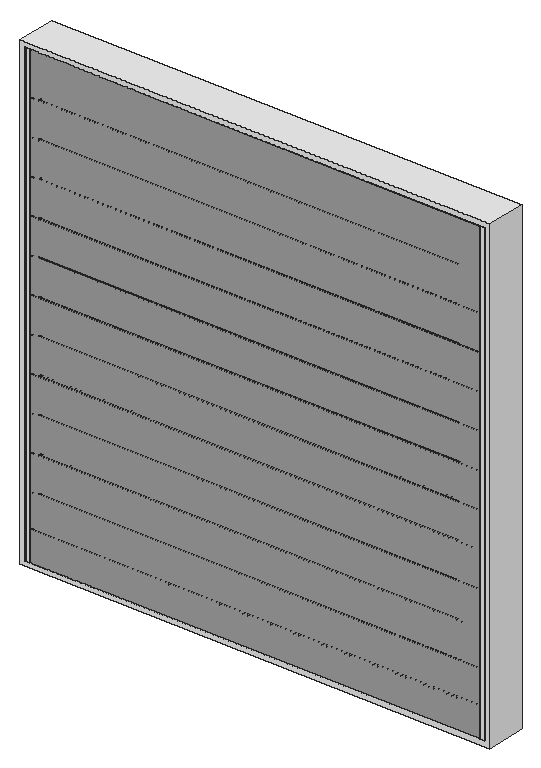
Revit family
Parameters (values of type "Louver_Non-Drnable_EFK-437_All-Lite")
  URL = "http://www.alllite-louvers.com"
  Specifications = "http://www.alllite-louvers.com/catalog/AEFK-437-csi-specification.doc"
  Spacing = 0.333 ft
  SmartBIM Object Version = 3  # constant formula
  SmartBIM Object Created By = "Reed Construction Data"  # constant formula
  Shim Thickness = 0.042 ft
  Screen Width = Width - (2 * Shim Thickness) - 0.083333 ft  # 3.832667 ft
  Screen Height = Height - (2 * Shim Thickness)  # 3.916 ft
  Screen = Aluminum
  Rough Width = 0.0 ft
  Rough Height = 0.0 ft
  Product URL = "http://www.alllite-louvers.com/catalog.php?model=EFK-437"
  Pressure Loss (in.wg.) = "0.07"  # constant formula
  OmniClass Title = "Exterior Louvers and Grilles"  # constant formula
  OmniClass Code = "23-60 11 17"  # constant formula
  Model Number = "EFK-437"  # constant formula
  Minimum Size = "4.5\" x 6\""
  Maximum Size - Single Section = "60\" x 120\" or 120\" x 60\""
  Maximum Size - Multiple Section = "Unlimited"
  Manufacturer = "All-Lite"  # constant formula
  Louver Width = Width - (2 * Shim Thickness) - 0.083333 ft  # 3.832667 ft
  Louver = Mill finish, 6063-T5 Extruded Aluminum
  Installation = "http://www.alllite-louvers.com/catalog/Installation.pdf"
  Height = 4.0 ft
  Free Area for 48”x48” Louver = "56.9%"
  Free Area Velocity (fpm) = "721"  # constant formula
  Free Area (ft²) for 48"x48" Louver = 9.1 ft
  Frame = Mill finish, 6063-T5 Extruded Aluminum
  Default Sill Height = 3.0 ft
  Wall Closure = (empty or 0)
  Width = 4.0 ft
  Cut Sheet = "http://www.alllite-louvers.com/catalog/AEFK437.pdf"
  Assembly Code = "B2010300"
  Air Volume Delivered (cfm) = "6,547"  # constant formula
  95 CSI = "10200 "  # constant formula
  04 CSI = "08 91 00"  # constant formula
  # of Louvers = (Height - 0.25 ft) / (Spacing)  # 11
Reference planes (ft)
  plane 1 "Center (Front/Back)": y = 0
  plane 2: z = 0.291667
  plane 3 "Center (Left/Right)": x = 0
  plane 4 "Left": x = -2
  plane 5 "Right": x = 2
  plane 6 "Sill": z = 3.291667
  plane 7 "Top": z = 7.291667
  plane 8: x = -1.958
  plane 9: x = 1.958
  plane 10: z = 7.249667
  plane 11: z = 3.333667
  plane 12: z = 5.291667
  plane 13: z = 3.417
  plane 14: z = 3.584963
  plane 15: z = 6.937167
Forms (ft)
  Sweep 1, solid, material "Mill finish, 6063-T5 Extruded Aluminum" <- "Frame"
    path origin (-5, 0.333333, 0) x (-1, 0, 0) y (0, 0, 1)
      loop
        line (-6.916333, 7.249667) -> (-3.083667, 7.249667)
    profile "Head Horizontal Mullion : Head Horizontal Mullion" origin (0, 0.333333, 7.249667) x (0, 0, 1) y (0, 1, 0)
      loop
        arc (-0.062261, -0.24806) -> (-0.057843, -0.248191) -> (-0.057712, -0.243774) r 0.003125
        arc (-0.057712, -0.243774) -> (-0.067872, -0.239591) -> (-0.077723, -0.244457) r 0.013333
        line (-0.077723, -0.244457) -> (-0.084306, -0.240917) -> (-0.091171, -0.162459)
        arc (-0.091171, -0.162459) -> (-0.081131, -0.157424) -> (-0.077083, -0.146948) r 0.015583
        line (-0.077083, -0.146948) -> (-0.077083, -0.01125) -> (-0.014, -0.01125) -> (-0.014, -0.058083) -> (0, -0.058083) -> (0, -0.051833) -> (-0.00775, -0.051833) -> (-0.00775, -0.01125) -> (0, -0.01125) -> (0, -0.005) -> (-0.083333, -0.005) -> (-0.083333, -0.146948)
        arc (-0.083333, -0.146948) -> (-0.089082, -0.155565) -> (-0.099246, -0.153567) r 0.009333
        line (-0.099246, -0.153567) -> (-0.248175, -0.006798)
        arc (-0.248175, -0.006798) -> (-0.250191, -0.005467) -> (-0.252562, -0.005) r 0.00625
        line (-0.252562, -0.005) -> (-0.3125, -0.005) -> (-0.3125, -0.020583) -> (-0.30625, -0.020583) -> (-0.30625, -0.01125) -> (-0.251297, -0.01125) -> (-0.203148, -0.059107)
        arc (-0.203148, -0.059107) -> (-0.202259, -0.061776) -> (-0.203876, -0.064078) r 0.003125
        arc (-0.203876, -0.064078) -> (-0.205688, -0.065246) -> (-0.207288, -0.06669) r 0.013333
        arc (-0.207288, -0.06669) -> (-0.207157, -0.071108) -> (-0.202739, -0.070976) r 0.003125
        arc (-0.202739, -0.070976) -> (-0.1905, -0.075833) -> (-0.202739, -0.08069) r 0.007083
        arc (-0.202739, -0.08069) -> (-0.207157, -0.080559) -> (-0.207288, -0.084976) r 0.003125
        arc (-0.207288, -0.084976) -> (-0.195788, -0.089045) -> (-0.18579, -0.082055) r 0.013333
        arc (-0.18579, -0.082055) -> (-0.183498, -0.080424) -> (-0.180823, -0.081296) r 0.003125
        line (-0.180823, -0.081296) -> (-0.09728, -0.164333) -> (-0.083333, -0.32375) -> (0, -0.32375) -> (0, -0.3175) -> (-0.00775, -0.3175) -> (-0.00775, -0.285) -> (0, -0.285) -> (0, -0.27875) -> (-0.014, -0.27875) -> (-0.014, -0.3175) -> (-0.077606, -0.3175) -> (-0.082089, -0.26626) -> (-0.076097, -0.263037)
        arc (-0.076097, -0.263037) -> (-0.066709, -0.266231) -> (-0.057712, -0.26206) r 0.013333
        arc (-0.057712, -0.26206) -> (-0.057843, -0.257642) -> (-0.062261, -0.257774) r 0.003125
        arc (-0.062261, -0.257774) -> (-0.0745, -0.252917) -> (-0.062261, -0.24806) r 0.007083
  Sweep 2, solid, material "Mill finish, 6063-T5 Extruded Aluminum" <- "Frame"
    path origin (-5, 0.333333, 0) x (-1, 0, 0) y (0, 0, 1)
      loop
        line (-6.916333, 3.333667) -> (-3.083667, 3.333667)
    profile "Sill-Horizontal Mullion : Sill-Horizontal Mullion" origin (0, 0.333333, 3.333667) x (0, 0, 1) y (0, 1, 0)
      loop
        arc (0.062261, -0.08069) -> (0.057843, -0.080559) -> (0.057712, -0.084976) r 0.003125
        arc (0.057712, -0.084976) -> (0.067872, -0.089159) -> (0.077723, -0.084293) r 0.013333
        line (0.077723, -0.084293) -> (0.084306, -0.087833) -> (0.091171, -0.166291)
        arc (0.091171, -0.166291) -> (0.081131, -0.171326) -> (0.077083, -0.181802) r 0.015583
        line (0.077083, -0.181802) -> (0.077083, -0.3175) -> (0.014, -0.3175) -> (0.014, -0.270667) -> (0, -0.270667) -> (0, -0.276917) -> (0.00775, -0.276917) -> (0.00775, -0.3175) -> (0, -0.3175) -> (0, -0.32375) -> (0.083333, -0.32375) -> (0.083333, -0.181802)
        arc (0.083333, -0.181802) -> (0.089082, -0.173185) -> (0.099246, -0.175183) r 0.009333
        line (0.099246, -0.175183) -> (0.248175, -0.321952)
        arc (0.248175, -0.321952) -> (0.250191, -0.323283) -> (0.252562, -0.32375) r 0.00625
        line (0.252562, -0.32375) -> (0.3125, -0.32375) -> (0.3125, -0.308167) -> (0.30625, -0.308167) -> (0.30625, -0.3175) -> (0.251297, -0.3175) -> (0.203148, -0.269643)
        arc (0.203148, -0.269643) -> (0.202259, -0.266974) -> (0.203876, -0.264672) r 0.003125
        arc (0.203876, -0.264672) -> (0.205688, -0.263504) -> (0.207288, -0.26206) r 0.013333
        arc (0.207288, -0.26206) -> (0.207157, -0.257642) -> (0.202739, -0.257774) r 0.003125
        arc (0.202739, -0.257774) -> (0.1905, -0.252917) -> (0.202739, -0.24806) r 0.007083
        arc (0.202739, -0.24806) -> (0.207157, -0.248191) -> (0.207288, -0.243774) r 0.003125
        arc (0.207288, -0.243774) -> (0.195788, -0.239705) -> (0.18579, -0.246695) r 0.013333
        arc (0.18579, -0.246695) -> (0.183498, -0.248326) -> (0.180823, -0.247454) r 0.003125
        line (0.180823, -0.247454) -> (0.09728, -0.164417) -> (0.083333, -0.005) -> (0, -0.005) -> (0, -0.01125) -> (0.00775, -0.01125) -> (0.00775, -0.04375) -> (0, -0.04375) -> (0, -0.05) -> (0.014, -0.05) -> (0.014, -0.01125) -> (0.077606, -0.01125) -> (0.082089, -0.06249) -> (0.076097, -0.065713)
        arc (0.076097, -0.065713) -> (0.066709, -0.062519) -> (0.057712, -0.06669) r 0.013333
        arc (0.057712, -0.06669) -> (0.057843, -0.071108) -> (0.062261, -0.070976) r 0.003125
        arc (0.062261, -0.070976) -> (0.0745, -0.075833) -> (0.062261, -0.08069) r 0.007083
  Sweep 3, solid, material "Mill finish, 6063-T5 Extruded Aluminum" <- "Frame"
    path origin (-5, 0.333333, 0) x (-1, 0, 0) y (0, 0, 1)
      loop
        line (-6.958, 3.333667) -> (-6.958, 7.249667)
    profile "Vertical Mullion : Vertical Mullion" origin (1.958, 0.333333, 5.291667) x (1, 0, 0) y (0, 1, 0)
      loop
        line (0, 0) -> (-0.041667, 0) -> (-0.041667, -0.333333) -> (0, -0.333333) -> (0, -0.323333) -> (-0.005, -0.323333) -> (-0.005, -0.328333) -> (-0.036667, -0.328333) -> (-0.036667, -0.005) -> (-0.005, -0.005) -> (-0.005, -0.015) -> (0, -0.015) -> (0, 0)
  Sweep 4, solid, material "Mill finish, 6063-T5 Extruded Aluminum" <- "Frame"
    path origin (5, 0.333333, 0) x (1, 0, 0) y (0, 0, -1)
      loop
        line (-6.958, -3.333667) -> (-6.958, -7.249667)
    profile "Vertical Mullion : Vertical Mullion" origin (-1.958, 0.333333, 5.291667) x (1, 0, 0) y (0, 1, 0)
      loop
        line (0, 0) -> (0, -0.015) -> (0.005, -0.015) -> (0.005, -0.005) -> (0.036667, -0.005) -> (0.036667, -0.328333) -> (0.005, -0.328333) -> (0.005, -0.323333) -> (0, -0.323333) -> (0, -0.333333) -> (0.041667, -0.333333) -> (0.041667, 0) -> (0, 0)
  Sweep 5, solid, material "Mill finish, 6063-T5 Extruded Aluminum" <- "Frame"
    path origin (-5, 0.333333, 0) x (-1, 0, 0) y (0, 0, 1)
      loop
        line (-3, 7.291667) -> (-7, 7.291667) -> (-7, 3.291667) -> (-3, 3.291667) -> (-3, 7.291667)
    profile origin (-2, 0.333333, 5.291667) x (0, 1, 0) y (-1, 0, 0)
      loop
        line (0, 0) -> (-0.333333, 0) -> (-0.333333, -0.042) -> (0, -0.042) -> (0, 0)
  Extrusion 6, solid, material "Aluminum" <- "Screen"
    sketch origin (-1.916333, 0, 3.333667) x (0, 0, 1) y (-1, 0, 0)
      loop
        line (0, -3.832667) -> (3.916, -3.832667) -> (3.916, 0) -> (0, 0) -> (0, -3.832667)
    from 0 to -0.009583
Lines and regions (ft)
  Opening 1
    outline origin (-5, -0.333333, 0) x (1, 0, 0) y (0, 0, 1)
      loop
        line (3, 7.291667) -> (3, 3.291667) -> (7, 3.291667) -> (7, 7.291667) -> (3, 7.291667)
  Masking region 1, detail levels fine
    outline origin (0, 0, 0) x (1, 0, 0) y (0, 1, 0)
      loop
        line (-1.958, 0.318333) -> (-1.953, 0.318333) -> (-1.953, 0.328333) -> (-1.921333, 0.328333) -> (-1.921333, 0.005) -> (-1.953, 0.005) -> (-1.953, 0.01) -> (-1.958, 0.01) -> (-1.958, 0) -> (-1.916333, 0) -> (-1.916333, 0.333333) -> (-1.958, 0.333333) -> (-1.958, 0.318333)
      loop
        line (1.953, 0.318333) -> (1.958, 0.318333) -> (1.958, 0.333333) -> (1.916333, 0.333333) -> (1.916333, 0) -> (1.958, 0) -> (1.958, 0.01) -> (1.953, 0.01) -> (1.953, 0.005) -> (1.921333, 0.005) -> (1.921333, 0.328333) -> (1.953, 0.328333) -> (1.953, 0.318333)
  Masking region 2, detail levels coarse+medium
    outline origin (0, 0, 0) x (1, 0, 0) y (0, 1, 0)
      loop
        line (2, 0.333333) -> (1.916333, 0.333333) -> (1.916333, 0) -> (2, 0) -> (2, 0.333333)
      loop
        line (-2, 0.333333) -> (-2, 0) -> (-1.916333, 0) -> (-1.916333, 0.333333) -> (-2, 0.333333)
Text (ft)
  text "EXTERIOR" at (-4.890733, 4.242245, 0), in view "Ref. Level"
  text "INTERIOR" at (-4.890733, -3.147199, 0), in view "Ref. Level"
  text "Exterior" at (0, 3.638026, 10.266337), in view "Left"
  text "Exterior" at (0, 1.524487, 10.420622), in view "Right"
Dimensions and locks (ft)
  equal spacing: plane 4 "Left", plane 3 "Center (Left/Right)", plane 5 "Right"
  "Width": plane 4 "Left" to plane 5 "Right"
  "Height": plane 6 "Sill" to plane 7 "Top"
  "Default Sill Height": plane 2 to plane 6 "Sill"
  "Shim Thickness": plane 4 "Left" to plane 8
  "Shim Thickness": plane 9 to plane 5 "Right"
  "Shim Thickness": plane 10 to plane 7 "Top"
  "Shim Thickness": plane 6 "Sill" to plane 11
  equal spacing: plane 11, plane 12, plane 10
  locked: plane 13 to plane 11 at 0.083333
  locked: plane 14 to plane 13 at 0.167963
  equal spacing: group 1, group 3, group 4, group 5, group 6, group 7, group 8, group 9, group 10, group 11, group 2  (x3)
  locked: plane 10 to plane 15 at 0.3125
  aligned and locked: plane 7 "Top" to Opening 1 sketch curve
  aligned and locked: plane 6 "Sill" to Opening 1 sketch curve  (x2)
  aligned and locked: plane 5 "Right" to Opening 1 sketch curve
  aligned and locked: plane 4 "Left" to Opening 1 sketch curve
  aligned and locked: plane 10 to Sweep 1 sketch curve
  aligned and locked: Sweep 2 sketch curve to plane 11
  aligned and locked: plane 9 to Sweep 3 sketch curve
  aligned and locked: Sweep 4 sketch curve to plane 8
  aligned and locked: Sweep 5 sketch curve to plane 4 "Left"
  aligned and locked: Sweep 5 sketch curve to plane 7 "Top"
  aligned and locked: Sweep 5 sketch curve to plane 6 "Sill"
  aligned and locked: Sweep 5 sketch curve to plane 5 "Right"
  aligned and locked: Sweep 5 sketch curve to host wall  (x2)
  aligned and locked: plane 8 to Sweep 5 sketch curve
  aligned and locked: plane 3 "Center (Left/Right)" to nested 1
  aligned and locked: plane 10 to Sweep 4 sketch curve
  aligned and locked: profile plane to host wall
  aligned and locked: plane 3 "Center (Left/Right)" to nested 2
  aligned and locked: plane 14 to nested 1
  aligned and locked: plane 11 to Sweep 4 sketch curve
  aligned and locked: plane 11 to Sweep 3 sketch curve
  aligned and locked: Extrusion 6 to Sweep 5 sketch curve
  aligned and locked: Extrusion 6 sketch curve to Sweep 3
  aligned and locked: nested 2 to plane 15
  aligned and locked: Extrusion 6 sketch curve to Sweep 4  (x2)
  aligned and locked: Sweep 3 to Extrusion 6 sketch curve
  aligned and locked: Sweep 4 to Sweep 2 sketch curve
  aligned and locked: Sweep 2 sketch curve to Sweep 3
  aligned and locked: Sweep 1 sketch curve to Sweep 4
  aligned and locked: Sweep 3 to Sweep 1 sketch curve
  aligned and locked: Extrusion 6 to Sweep 1
  aligned and locked: nested 2 to Sweep 4
  aligned and locked: nested 11 to Sweep 4
  aligned and locked: Masking region 1 sketch curve to Sweep 4  (x9)
  aligned and locked: Sweep 5 to Masking region 1 sketch curve  (x3)
  aligned and locked: Masking region 1 sketch curve to Sweep 5
  aligned and locked: Masking region 1 sketch curve to Sweep 3  (x10)
  aligned and locked: Masking region 2 sketch curve to host wall  (x3)
  aligned and locked: host wall to Masking region 2 sketch curve
  aligned and locked: Extrusion 6 to Masking region 2 sketch curve
  aligned and locked: Masking region 2 sketch curve to Sweep 3
  aligned and locked: Masking region 2 sketch curve to Extrusion 6
  aligned and locked: Masking region 2 sketch curve to Sweep 4
Automatic sketch dimensions
  Sweep 3 sketch curve to plane 10 = 0.0 ft
  Masking region 1 sketch curve to plane 8 = 0.0 ft
  Masking region 1 sketch curve to plane 9 = 0.0 ft  (x2)
Nested families (ft)
  nested 1: "Louver Single" at (0, 0.336479, 3.584963), type "Louver"
  nested 2: "Louver Single" at (0, 0.336479, 6.593572), type "Louver"
  nested 3: "Louver Single" at (0, 0.336479, 3.885824), type "Louver"
  nested 4: "Louver Single" at (0, 0.336479, 4.186685), type "Louver"
  nested 5: "Louver Single" at (0, 0.336479, 4.487546), type "Louver"
  nested 6: "Louver Single" at (0, 0.336479, 4.788407), type "Louver"
  nested 7: "Louver Single" at (0, 0.336479, 5.089267), type "Louver"
  nested 8: "Louver Single" at (0, 0.336479, 5.390128), type "Louver"
  nested 9: "Louver Single" at (0, 0.336479, 5.690989), type "Louver"
  nested 10: "Louver Single" at (0, 0.336479, 5.99185), type "Louver"
  nested 11: "Louver Single" at (0, 0.336479, 6.292711), type "Louver"
Connectors (ft)
  hvac at (0, 0, 5.291667), driven by "Screen Width", driven by "Screen Height"
    settings: on Extrusion 6, index 1
Definition of nested family "Louver Single"
  Parameters (values of type "Louver")
    Louver Length = 3.833333 ft
    Frame = none
    Depth = 0.156576 ft
    Louver Single = yes
    Louver = none
    Assembly Code = ""
  Reference planes (ft)
    plane 1 "Center (Front/Back)": y = -0.085938
    plane 2: z = 0
    plane 3 "Center (Left/Right)": x = 0
    plane 4: x = -1.916667
    plane 5: x = 1.916667
    plane 6: z = 0.177083
    plane 7: y = -0.008146
    plane 8: z = 0.343595
  Forms (ft)
    Extrusion 1, solid, material <- "Louver"
      sketch origin (0, 0.02681, -0.008802) x (0, 1, 0) y (0, 0, 1)
        loop
          arc (-0.041706, 0.014995) -> (-0.040114, 0.00891) -> (-0.034956, 0.012507) r 0.003833
          line (-0.034956, 0.012507) -> (-0.034956, 0.068058)
          arc (-0.034956, 0.068058) -> (-0.035612, 0.070847) -> (-0.037444, 0.073049) r 0.00625
          line (-0.037444, 0.073049) -> (-0.260873, 0.246502)
          arc (-0.260873, 0.246502) -> (-0.265156, 0.251251) -> (-0.267335, 0.257263) r 0.016667
          arc (-0.267335, 0.257263) -> (-0.266985, 0.258745) -> (-0.265977, 0.259886) r 0.003125
          arc (-0.265977, 0.259886) -> (-0.264644, 0.26286) -> (-0.266681, 0.265403) r 0.003125
          line (-0.266681, 0.265403) -> (-0.345251, 0.289622)
          arc (-0.345251, 0.289622) -> (-0.346845, 0.290752) -> (-0.347456, 0.292608) r 0.003125
          line (-0.347456, 0.292608) -> (-0.347456, 0.349022)
          arc (-0.347456, 0.349022) -> (-0.350581, 0.352147) -> (-0.353706, 0.349022) r 0.003125
          line (-0.353706, 0.349022) -> (-0.353706, 0.290567)
          arc (-0.353706, 0.290567) -> (-0.352484, 0.286856) -> (-0.349297, 0.284595) r 0.00625
          line (-0.349297, 0.284595) -> (-0.278379, 0.262735)
          arc (-0.278379, 0.262735) -> (-0.276838, 0.261673) -> (-0.27618, 0.259921) r 0.003125
          arc (-0.27618, 0.259921) -> (-0.275611, 0.255927) -> (-0.274365, 0.25209) r 0.023417
          arc (-0.274365, 0.25209) -> (-0.27468, 0.249084) -> (-0.277393, 0.247751) r 0.003125
          arc (-0.277393, 0.247751) -> (-0.28849, 0.242992) -> (-0.291588, 0.231321) r 0.013792
          arc (-0.291588, 0.231321) -> (-0.289673, 0.228898) -> (-0.286589, 0.229048) r 0.003375
          arc (-0.286589, 0.229048) -> (-0.285204, 0.230574) -> (-0.284964, 0.23262) r 0.003375
          arc (-0.284964, 0.23262) -> (-0.274533, 0.240073) -> (-0.275773, 0.227313) r 0.007042
          arc (-0.275773, 0.227313) -> (-0.277425, 0.226083) -> (-0.278054, 0.22412) r 0.003375
          arc (-0.278054, 0.22412) -> (-0.276641, 0.221374) -> (-0.273586, 0.220927) r 0.003375
          arc (-0.273586, 0.220927) -> (-0.266882, 0.225888) -> (-0.264264, 0.233806) r 0.013792
          arc (-0.264264, 0.233806) -> (-0.262376, 0.236794) -> (-0.258858, 0.23646) r 0.003375
          line (-0.258858, 0.23646) -> (-0.10798, 0.11933)
          arc (-0.10798, 0.11933) -> (-0.10687, 0.116349) -> (-0.108731, 0.11377) r 0.003375
          arc (-0.108731, 0.11377) -> (-0.114974, 0.107608) -> (-0.116237, 0.098927) r 0.013792
          arc (-0.116237, 0.098927) -> (-0.114358, 0.096477) -> (-0.111272, 0.096581) r 0.003375
          arc (-0.111272, 0.096581) -> (-0.109865, 0.098087) -> (-0.109595, 0.100129) r 0.003375
          arc (-0.109595, 0.100129) -> (-0.099057, 0.10743) -> (-0.100482, 0.094689) r 0.007042
          arc (-0.100482, 0.094689) -> (-0.102152, 0.093483) -> (-0.10281, 0.09153) r 0.003375
          arc (-0.10281, 0.09153) -> (-0.101437, 0.088764) -> (-0.098389, 0.088272) r 0.003375
          arc (-0.098389, 0.088272) -> (-0.092392, 0.092183) -> (-0.089164, 0.098573) r 0.013792
          arc (-0.089164, 0.098573) -> (-0.087026, 0.101053) -> (-0.08379, 0.100551) r 0.003375
          line (-0.08379, 0.100551) -> (-0.042657, 0.068619)
          arc (-0.042657, 0.068619) -> (-0.041952, 0.067462) -> (-0.041706, 0.066129) r 0.003734
          line (-0.041706, 0.066129) -> (-0.041706, 0.014995)
      from -1.916667 to 1.916667
  Dimensions and locks (ft)
    equal spacing: plane 4, plane 3 "Center (Left/Right)", plane 5
    "Louver Length": plane 4 to plane 5
    aligned and locked: Extrusion 1 to plane 4
    aligned and locked: plane 5 to Extrusion 1
  Automatic sketch dimensions
    Extrusion 1 sketch curve to Extrusion 1 sketch curve = 0.0 ft  (x30)
    Extrusion 1 sketch curve to plane 7 = 0.0 ft
    Extrusion 1 sketch curve to plane 7 = 0.002489 ft
    Extrusion 1 sketch curve to plane 7 = 0.003833 ft
    Extrusion 1 sketch curve to plane 7 = 0.00625 ft
    Extrusion 1 sketch curve to Extrusion 1 sketch curve = 0.0005 ft
    Extrusion 1 sketch curve to Extrusion 1 sketch curve = 0.001452 ft
    Extrusion 1 sketch curve to Extrusion 1 sketch curve = 0.003734 ft
    Extrusion 1 sketch curve to Extrusion 1 sketch curve = 0.00207 ft
    Extrusion 1 sketch curve to Extrusion 1 sketch curve = 0.003304 ft
    Extrusion 1 sketch curve to Extrusion 1 sketch curve = 0.009225 ft
    Extrusion 1 sketch curve to Extrusion 1 sketch curve = 0.001047 ft
    Extrusion 1 sketch curve to Extrusion 1 sketch curve = 0.002184 ft
    Extrusion 1 sketch curve to Extrusion 1 sketch curve = 0.003375 ft  (x3)
    Extrusion 1 sketch curve to plane 1 "Center (Front/Back)" = 0.004017 ft
    Extrusion 1 sketch curve to plane 1 "Center (Front/Back)" = 0.003152 ft
    Extrusion 1 sketch curve to plane 1 "Center (Front/Back)" = 0.002533 ft
    Extrusion 1 sketch curve to plane 1 "Center (Front/Back)" = 0.001476 ft
    plane 1 "Center (Front/Back)" to Extrusion 1 sketch curve = 0.000169 ft
    Extrusion 1 sketch curve to Extrusion 1 sketch curve = 0.001932 ft
    Extrusion 1 sketch curve to Extrusion 1 sketch curve = 0.006059 ft
    Extrusion 1 sketch curve to plane 6 = 0.060616 ft
    Extrusion 1 sketch curve to Extrusion 1 sketch curve = 0.002031 ft
    Extrusion 1 sketch curve to Extrusion 1 sketch curve = 0.003337 ft
    Extrusion 1 sketch curve to plane 6 = 0.050574 ft
    Extrusion 1 sketch curve to Extrusion 1 sketch curve = 0.002016 ft
    Extrusion 1 sketch curve to Extrusion 1 sketch curve = 0.001767 ft
    Extrusion 1 sketch curve to Extrusion 1 sketch curve = 0.000704 ft
    Extrusion 1 sketch curve to Extrusion 1 sketch curve = 0.001358 ft
    Extrusion 1 sketch curve to Extrusion 1 sketch curve = 0.001063 ft
    Extrusion 1 sketch curve to Extrusion 1 sketch curve = 0.009322 ft
    Extrusion 1 sketch curve to Extrusion 1 sketch curve = 0.00703 ft
    Extrusion 1 sketch curve to Extrusion 1 sketch curve = 0.001093 ft
    Extrusion 1 sketch curve to Extrusion 1 sketch curve = 0.001815 ft
    Extrusion 1 sketch curve to Extrusion 1 sketch curve = 0.002878 ft
    Extrusion 1 sketch curve to Extrusion 1 sketch curve = 0.00015 ft
    Extrusion 1 sketch curve to Extrusion 1 sketch curve = 0.002281 ft
    Extrusion 1 sketch curve to Extrusion 1 sketch curve = 0.0022 ft
    Extrusion 1 sketch curve to Extrusion 1 sketch curve = 0.00312 ft
    Extrusion 1 sketch curve to Extrusion 1 sketch curve = 0.00691 ft
    Extrusion 1 sketch curve to Extrusion 1 sketch curve = 0.001624 ft
    Extrusion 1 sketch curve to Extrusion 1 sketch curve = 0.001687 ft
    Extrusion 1 sketch curve to Extrusion 1 sketch curve = 0.065951 ft
    Extrusion 1 sketch curve to Extrusion 1 sketch curve = 0.000921 ft
    plane 8 to Extrusion 1 sketch curve = 0.003375 ft
    Extrusion 1 sketch curve to Extrusion 1 sketch curve = 0.003125 ft  (x2)
    Extrusion 1 sketch curve to Extrusion 1 sketch curve = 0.002204 ft
    plane 8 to Extrusion 1 sketch curve = 0.067803 ft
    Extrusion 1 sketch curve to Extrusion 1 sketch curve = 0.001841 ft
    plane 6 to Extrusion 1 sketch curve = 0.066556 ft
    Extrusion 1 sketch curve to Extrusion 1 sketch curve = 0.002529 ft
    Extrusion 1 sketch curve to Extrusion 1 sketch curve = 0.00443 ft
    level to Extrusion 1 sketch curve = 0.006192 ft
    Extrusion 1 sketch curve to Extrusion 1 sketch curve = 0.002658 ft
    Extrusion 1 sketch curve to Extrusion 1 sketch curve = 0.000046 ft
    Extrusion 1 sketch curve to Extrusion 1 sketch curve = 0.000945 ft
    Extrusion 1 sketch curve to Extrusion 1 sketch curve = 0.000751 ft
    Extrusion 1 sketch curve to Extrusion 1 sketch curve = 0.024941 ft
    Extrusion 1 sketch curve to Extrusion 1 sketch curve = 0.051134 ft
    plane 1 "Center (Front/Back)" to Extrusion 1 sketch curve = 0.138119 ft
